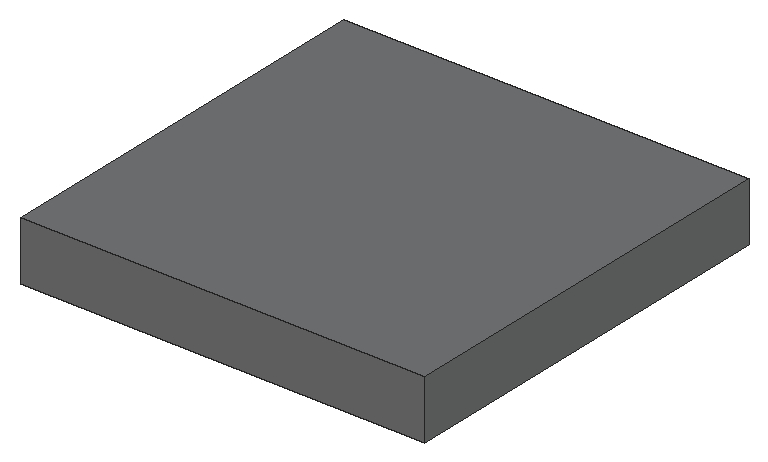
Revit family "Gira_028601", category Electrical Fixtures, host Face, Revit 2017
Family settings
  Host = Face
  Maintain Annotation Orientation = No
  Round Connector Dimension = Use Diameter
  Part Type = Normal
  Cut with Voids When Loaded = No
  Shared = No
  Room Calculation Point = No
Parameters (values of type "Rocker sym.bell System 55 cr.white")
  With exchangeable lens/symbol = "No"
  URL = "http://katalog.gira.de/en/datenblatt.html?artikelnr=028601"
  Suitable for touch sensor connector for bus system = "No"
  Scannable symbol / barrier free = "No"
  Name = "Rocker sym.bell System 55 cr.white"
  Monitoring window/light outlet = "No"
  Model = "Single rocker"
  Manufacturer URL = "https://www.gira.de/"
  Manufacturer = "Gira"
  Keynote = ""
  HeinzeBIM = "https://bimportal.heinze.de/bim/rocker-sym-bell-system-55-cr-white/189282edf86cb4ed952631ee3bf60c15b934fbe0"
  HAN = "028601"
  GTIN = "4010337286011"
  Description = "Rock.sym.bell Sys55 CW,Rocker with symbol,Bell,cream white glossy,"
  Default Elevation = 1219.2 mm
  Data sheet (1) = "https://katalog.gira.de/en/download.html?artikelnr=028601"
  Category = "Control element/cover plate for domestic switching devices"
  BIM (1) = "https://media.stage.bim.site/public/gira/36a6b08/Sys55_Abdeckung_Schalten und Tasten.rfa?public/gira/36a6b08/Sys55_Abdeckung_Schalten und Tasten.rfa"
  Available = "No"
  Anthrazit [instance] = Anthrazit
Reference planes
  plane 1 "Center (Front/Back)": y = 0
  plane 2: z = 0
  plane 3 "Center (Left/Right)": x = 0
Forms (mm)
  Extrusion 1, solid, material "Anthrazit" <- "Anthrazit", detail levels fine
    sketch origin (0, 0, 0) x (1, 0, 0) y (0, 1, 0)
      loop
        line (-27.5, 27.5) -> (-27.5, -27.5) -> (27.5, -27.5) -> (27.5, 27.5) -> (-27.5, 27.5)
    from 0 to 8
  Extrusion 2, void
    sketch origin (0, 0, 0) x (1, 0, 0) y (0, 1, 0)
      loop
        line (26, 26) -> (-26, 26) -> (-26, -26) -> (26, -26) -> (26, 26)
    from 0 to 6
  Extrusion 3, solid, material "Anthrazit" <- "Anthrazit", detail levels medium
    sketch origin (0, 0, 0) x (1, 0, 0) y (0, 1, 0)
      loop
        line (-27.5, 27.5) -> (-27.5, -27.5) -> (27.5, -27.5) -> (27.5, 27.5) -> (-27.5, 27.5)
    from 0 to 8
  Extrusion 4, solid, material "Anthrazit" <- "Anthrazit", detail levels medium
    sketch origin (0, 0, 0) x (1, 0, 0) y (0, 1, 0)
      loop
        line (11, -17.5) -> (11, 17.5) -> (-11, 17.5) -> (-11, -17.5) -> (11, -17.5)
    from -6 to 6
  Extrusion 5, solid, material "Anthrazit" <- "Anthrazit", detail levels fine
    sketch origin (0, 0, 0) x (1, 0, 0) y (0, 1, 0)
      loop
        line (11, 17.5) -> (-11, 17.5) -> (-11, 16.5) -> (11, 16.5) -> (11, 17.5)
      loop
        line (-11, -16.5) -> (-11, -17.5) -> (11, -17.5) -> (11, -16.5) -> (-11, -16.5)
    from -4 to 6
  Extrusion 6, solid, material "Anthrazit" <- "Anthrazit", detail levels fine
    sketch origin (0, 0, 0) x (1, 0, 0) y (0, 1, 0)
      loop
        arc (5, 9.347) -> (0, 10.6) -> (-5, 9.347) r 10.6
        line (-5, 9.347) -> (-5, -9.347)
        arc (-5, -9.347) -> (0, -10.6) -> (5, -9.347) r 10.6
        line (5, -9.347) -> (5, 9.347)
    from -6 to 6
  Extrusion 7, solid, material "Anthrazit" <- "Anthrazit", detail levels coarse
    sketch origin (0, 0, 0) x (1, 0, 0) y (0, 1, 0)
      loop
        line (-27.5, 27.5) -> (-27.5, -27.5) -> (27.5, -27.5) -> (27.5, 27.5) -> (-27.5, 27.5)
    from -6 to 8
Cuts and joins
  Extrusion 2 cuts Extrusion 1
Dimensions and locks
  aligned and locked: plane 2 to host face
  aligned and locked: level to host face
